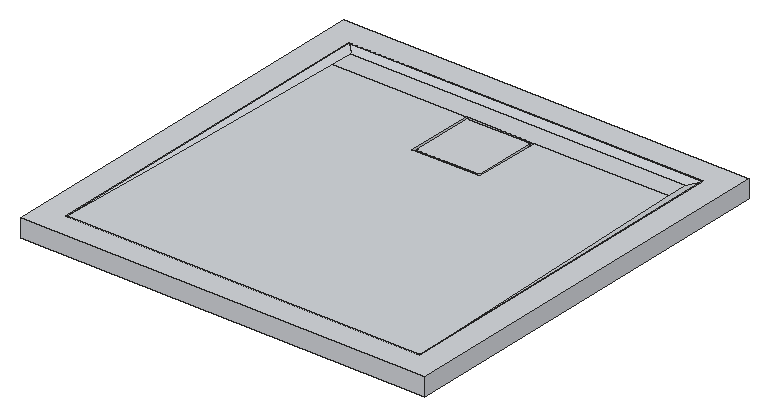
Revit family "W20Q", category Plumbing Fixtures, Revit 2016
Family settings
  Part Type = Normal
  Round Connector Dimension = Use Diameter
  Work Plane-Based = No
  Always vertical = Yes
  Cut with Voids When Loaded = No
  Shared = No
  Room Calculation Point = No
Parameters (values of type "800")
  URL = "http://www.sanswiss.com/"
  Type Comments = "LIVADA"
  Model = "W20Q"
  Manufacturer = "SanSwiss"
  B = 800 mm
  A = 800 mm
Types (4, lengths in mm): name | B | A
  (no name) | 800 | 800
  900 | 900 | 900
  1000 | 1000 | 1000
  800 | 800 | 800
Reference planes
  plane 1 "Center (Front/Back)": y = 0
  plane 2: z = 0
  plane 3 "Center (Left/Right)": x = 0
  plane 4: x = 644.146
  plane 5: x = -1000
  plane 6: y = 800
  plane 7: x = 800
  plane 8: x = 50.38
  plane 9: x = 749.521
  plane 10: y = 749.574
  plane 11: x = 69.661
  plane 12: x = 400
  plane 13: x = 730.241
  plane 14: y = 730.367
  plane 15: x = 332.508
  plane 16: x = 467.508
  plane 17: y = 687.53
  plane 18: y = 552.53
  plane 19 "wgłębienie": z = 30.009
  plane 20 "top": z = 35.031
  plane 21: y = 50.045
  plane 22: x = 337.508
  plane 23: x = 462.508
  plane 24: y = 557.53
  plane 25: y = 682.53
Forms (mm)
  Extrusion 1, solid
    sketch origin (0, 0, 0) x (1, 0, 0) y (0, 1, 0)
      loop
        line (0, 0) -> (800, 0) -> (800, 800) -> (0, 800) -> (0, 0)
      loop
        line (50.38, 749.574) -> (50.38, 50.045) -> (749.521, 50.045) -> (749.521, 749.574) -> (50.38, 749.574)
    from 0 to 35.031
  Extrusion 2, void
    sketch origin (0, 0, 0) x (1, 0, 0) y (0, 1, 0)
      loop
        line (332.508, 552.53) -> (467.508, 552.53) -> (467.508, 687.53) -> (332.508, 687.53) -> (332.508, 552.53)
    from 24.09 to 64.397
  Extrusion 3, solid
    sketch origin (0, 0, 0) x (1, 0, 0) y (0, 1, 0)
      loop
        arc (340.41, 682.53) -> (338.358, 681.68) -> (337.508, 679.628) r 2.902
        line (337.508, 679.628) -> (337.508, 560.702)
        arc (337.508, 560.702) -> (338.437, 558.459) -> (340.68, 557.53) r 3.172
        line (340.68, 557.53) -> (459.43, 557.53)
        arc (459.43, 557.53) -> (461.607, 558.432) -> (462.508, 560.609) r 3.078
        line (462.508, 560.609) -> (462.508, 679.829)
        arc (462.508, 679.829) -> (461.717, 681.739) -> (459.808, 682.53) r 2.701
        line (459.808, 682.53) -> (340.41, 682.53)
    from 25.258 to 30.009
  Extrusion 4, solid
    sketch origin (0, 0, 0) x (1, 0, 0) y (0, 1, 0)
      loop
        line (749.521, 749.574) -> (50.38, 749.574) -> (50.38, 50.045) -> (749.521, 50.045) -> (749.521, 749.574)
    from 0 to 35.031
  Extrusion 5, void
    sketch origin (58.5, 10.545, 23.549) x (0, -1, 0) y (0, 0, 1)
      loop
        line (-739.028, 11.483) -> (-719.822, 6.461) -> (-677.052, 6.461) -> (-39.499, 11.483) -> (-739.028, 11.483)
    from -691.021 to 8.12
  Blend 6, solid
    base sketch origin (0, 0, 0) x (1, 0, 0) y (0, 0, 1)
      loop
        line (730.241, 30.009) -> (749.521, 30.009) -> (749.521, 35.031) -> (730.241, 30.009)
    top sketch origin (0, 0, 0) x (1, 0, 0) y (0, 0, 1)
      loop
        line (749.521, 35.031) -> (745.997, 34.113) -> (749.521, 34.113) -> (749.521, 35.031)
    from -749.574 to -50.045
  Blend 7, solid
    base sketch origin (1200, 0, 0) x (-1, 0, 0) y (0, 0, -1)
      loop
        line (1130.241, -30.009) -> (1149.62, -35.057) -> (1149.62, -30.009) -> (1130.241, -30.009)
    top sketch origin (1200, 0, 0) x (-1, 0, 0) y (0, 0, -1)
      loop
        line (1149.62, -35.057) -> (1149.62, -34.113) -> (1145.997, -34.113) -> (1149.62, -35.057)
    from -749.574 to -50.045
Cuts and joins
  Extrusion 2, Extrusion 5 cuts Extrusion 4
  Extrusion 2, Extrusion 5 cuts Extrusion 1
Dimensions and locks
  "A": plane 6 to plane 1 "Center (Front/Back)"
  "B": plane 3 "Center (Left/Right)" to plane 7
  locked: plane 6 to plane 10 at 50.426
  locked: plane 3 "Center (Left/Right)" to plane 8 at 50.38
  locked: plane 9 to plane 7 at 50.479
  equal spacing: plane 3 "Center (Left/Right)", plane 12, plane 7
  locked: plane 10 to plane 14 at 19.207
  locked: plane 13 to plane 9 at 19.28
  locked: plane 8 to plane 11 at 19.28
  locked: plane 6 to plane 17 at 112.47
  plane 15 to plane 12 to plane 16 = 67.492 mm locked, 67.508 mm locked
  locked: plane 17 to plane 18 at 135
  locked: plane 1 "Center (Front/Back)" to plane 21 at 50.045
  locked: plane 25 to plane 17 at 5
  locked: plane 15 to plane 22 at 5
  locked: plane 23 to plane 16 at 5
  locked: plane 24 to plane 18 at 5
  aligned and locked: level to plane 2
  aligned and locked: plane 1 "Center (Front/Back)" to Extrusion 1 sketch curve
  aligned and locked: Extrusion 1 sketch curve to plane 3 "Center (Left/Right)"
  aligned and locked: plane 6 to Extrusion 1 sketch curve
  aligned and locked: plane 7 to Extrusion 1 sketch curve
  aligned and locked: Extrusion 2 sketch curve to plane 18
  aligned and locked: Extrusion 2 sketch curve to plane 15
  aligned and locked: plane 17 to Extrusion 2 sketch curve
  aligned and locked: Extrusion 2 sketch curve to plane 16
  aligned and locked: Extrusion 3 sketch curve to plane 22
  aligned and locked: plane 24 to Extrusion 3 sketch curve
  aligned and locked: plane 23 to Extrusion 3 sketch curve
  aligned and locked: Extrusion 3 sketch curve to plane 25
  aligned and locked: plane 21 to Extrusion 5 sketch curve
  aligned and locked: Extrusion 5 sketch curve to plane 20 "top"
  aligned and locked: plane 19 "wgłębienie" to Extrusion 5 sketch curve
  aligned and locked: plane 9 to Extrusion 5
  aligned and locked: Extrusion 5 to plane 8
  aligned and locked: Blend 6 to plane 10
  aligned and locked: Blend 6 to plane 21
  aligned and locked: Blend 7 sketch curve to plane 8  (x2)
  aligned and locked: plane 19 "wgłębienie" to Blend 7 sketch curve
  aligned and locked: Blend 6 sketch curve to plane 9
  aligned and locked: Blend 6 sketch curve to plane 19 "wgłębienie"
  aligned and locked: Blend 7 to plane 10
Automatic sketch dimensions
  Extrusion 1 sketch curve to plane 8 = 0 mm
  Extrusion 1 sketch curve to plane 9 = 0 mm
  Extrusion 1 sketch curve to plane 21 = 0 mm
  plane 10 to Extrusion 1 sketch curve = 0 mm
  Extrusion 3 sketch curve to Extrusion 3 sketch curve = 2.902 mm
  Extrusion 3 sketch curve to Extrusion 3 sketch curve = 3.172 mm
  plane 23 to Extrusion 3 sketch curve = 3.078 mm
  plane 23 to Extrusion 3 sketch curve = 2.701 mm
  Extrusion 4 sketch curve to plane 8 = 0 mm
  Extrusion 4 sketch curve to plane 9 = 0 mm
  Extrusion 4 sketch curve to plane 21 = 0 mm
  plane 10 to Extrusion 4 sketch curve = 0 mm
  Extrusion 5 sketch curve to plane 10 = 0 mm
  Extrusion 5 sketch curve to plane 14 = 0 mm
  plane 17 to Extrusion 5 sketch curve = 0.067 mm
  Blend 6 sketch curve to plane 13 = 0 mm
  Blend 6 sketch curve to plane 20 "top" = 0 mm  (x2)
  Blend 6 sketch curve to plane 9 = 0 mm
  plane 20 "top" to Blend 6 sketch curve = 0.918 mm
  Blend 6 sketch curve to Blend 6 sketch curve = 3.524 mm
  plane 20 "top" to Blend 7 sketch curve = 0.026 mm  (x2)
  Blend 7 sketch curve to plane 11 = 0.098 mm
  Blend 7 sketch curve to plane 20 "top" = 0.918 mm
  Blend 7 sketch curve to plane 8 = 3.622 mm
